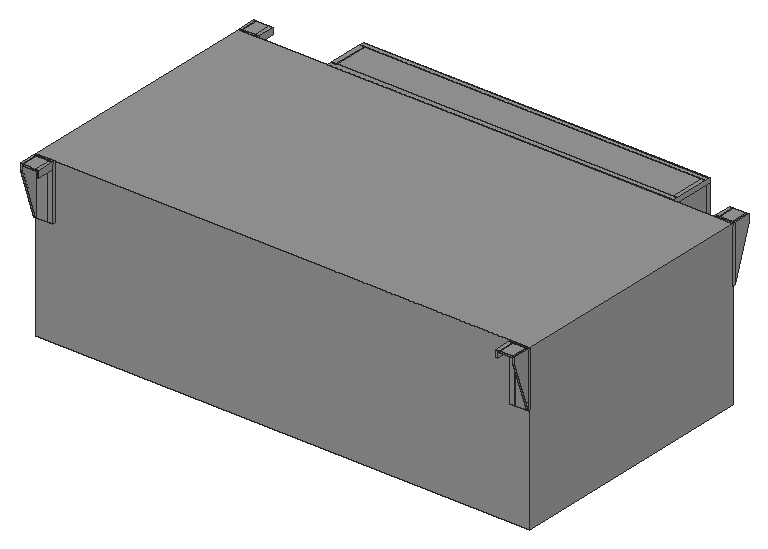
Revit family "НЕВАТОМ_Neiva 2 подвесная C-Е-R 600, Версия 2", category Оборудование, Revit 2017
Family settings
  Размер круглого соединителя = Использовать диаметр
  Тип детали = Нормальный
  На основе рабочей плоскости = Да
  Всегда вертикально = Нет
  При загрузке вырезать с полостями = Нет
  Общий = Нет
  Точка расчета площади = Нет
Parameters (values of type "С 600 E-R")
  длина между креплением = 1062 mm
  а ширина = 100 mm
  Default Elevation = 1219.2 mm
  А6 = 270 mm
  А1 = 500 mm
  c = 131 mm
  Nevatom_Производительность = "500-900 м³/ч"
  Nevatom_Напорная характеристика, Р1 = 500.0 Pa
  Nevatom_Напорная характеристика, P = 0.0 Pa
  Nevatom_Мощность нагревателя = 900 W
  Nevatom_Q1, м³/ч = 1000.0 m³/h
  Nevatom_Q, м³/ч = 500.0 m³/h
  H щита = 362 mm
  b длина = 770 mm
  Nevatom_Регулятор воздуха [instance] = ""
  Nevatom_Для задания электроснабжения [instance] = "380 В"
  Nevatom_URL [instance] = ""
  L = 1100 mm
  H = 362 mm
  D кабельного ввода PG 36 = 25 mm
  D кабельного ввода PG 21 = 25 mm
  B = 564 mm
  ADSK_Ток = 1.6 A
  ADSK_Расход воздуха = 0.0 m³/h
  ADSK_Размер_Ширина = B  # 564 mm
  ADSK_Размер_Длина = L  # 1100 mm
  ADSK_Размер_Высота = H  # 362 mm
  ADSK_Потеря давления воздуха = 0.0 Pa
  ADSK_Полная мощность = ADSK_Номинальная мощность / ADSK_Коэффициент мощности  # 143.75 VA
  ADSK_Позиция [instance] = ""
  ADSK_Номинальная мощность = 115 W
  ADSK_Напряжение = 230 V
  ADSK_Наименование = "C-600-E-R"
  ADSK_Материал наименование [instance] = "сталь оцинкованная с покрытием"
  ADSK_Масса = 57
  ADSK_Марка [instance] = "C-600-E-R"
  ADSK_Коэффициент мощности = 0.8  # constant formula
  ADSK_Количество фаз = 1
  ADSK_Количество = 1  # constant formula
  ADSK_Код изделия [instance] = ""
  ADSK_Классификация нагрузок = Двигатель
  ADSK_Завод-изготовитель [instance] = "НЕВАТОМ"  # constant formula
  ADSK_Единица измерения [instance] = "шт."
Reference planes
  plane 1 "По центру (Вперед/Назад)": y = 0
  plane 2: z = 0
  plane 3 "По центру (Влево/Вправо)": x = 0
  plane 4: y = 282
  plane 5: x = 550
  plane 6: y = -282
  plane 7: x = -550
  plane 8: z = 362
  plane 9: x = 500
  plane 10: x = -500
  plane 11: y = -382
  plane 12: x = -351
  plane 13: x = 419
  plane 14: x = -536.5
  plane 15: x = 525.5
  plane 16: z = 362
  plane 17: z = 362
  plane 18: y = 382
Forms (mm)
  Extrusion 1, solid, material "Сталь, окрашенная, слоновая кость, блестящая"
    sketch origin (0, 1073.759, -352) x (1, 0, 0) y (0, 1, 0)
      loop
        line (-351, -691.759) -> (-351, -791.759) -> (419, -791.759) -> (419, -691.759) -> (-351, -691.759)
    from 352 to 362
  Extrusion 2, solid, material "Сталь, окрашенная, слоновая кость, блестящая"
    sketch origin (0, 0, 0) x (1, 0, 0) y (0, 1, 0)
      loop
        line (-550, 282) -> (-550, -282) -> (550, -282) -> (550, 282) -> (-550, 282)
    from 0 to 362
  Extrusion 3, solid, material "Сталь, окрашенная, слоновая кость, блестящая"
    sketch origin (0, 0, 0) x (1, 0, 0) y (0, 1, 0)
      loop
        line (-351, 282) -> (419, 282) -> (419, 292.139) -> (-351, 292.139) -> (-351, 282)
      loop
        line (-351, 381.49) -> (-351, 371.49) -> (419, 371.49) -> (419, 381.49) -> (-351, 381.49)
    from 0 to 362
  Extrusion 4, solid, material "Сталь, окрашенная, слоновая кость, блестящая"
    sketch origin (0, 0, 0) x (1, 0, 0) y (0, 1, 0)
      loop
        line (-351, 292.139) -> (-340.851, 292.139) -> (-340.851, 371.49) -> (-351, 371.49) -> (-351, 292.139)
    from 0 to 362
  Extrusion 5, solid, material "Сталь, окрашенная, слоновая кость, блестящая"
    sketch origin (761.851, 0, 0) x (1, 0, 0) y (0, 1, 0)
      loop
        line (-353, 292.139) -> (-342.851, 292.139) -> (-342.851, 371.49) -> (-353, 371.49) -> (-353, 292.139)
    from 0 to 362
  Extrusion 6, solid, material "Сталь, окрашенная, слоновая кость, блестящая"
    sketch origin (0, 1073.759, -72) x (1, 0, 0) y (0, 1, 0)
      loop
        line (-351, -691.759) -> (-351, -791.759) -> (419, -791.759) -> (419, -691.759) -> (-351, -691.759)
    from 424 to 434
Lines and regions (mm)
  reference lines
    curve 1: line (-550, -282, 0) -> (-351, -282, 0)
    curve 2: line (-550, -282, 0) -> (-351, -282, 0)
    curve 3: line (-550, -282, 0) -> (-351, -282, 0)
    curve 4: line (550, -282, 0) -> (419, -282, 0)
    curve 5: line (-550, -282, 0) -> (-351, -282, 0)
    curve 6: line (525.5, 0, 3.126) -> (525.5, 0, -1.874)
  model lines
    curve 7: line (-750, 0, 0) -> (-950, 0, 0)
    curve 8: line (-950, 0, 0) -> (-877.495, 33.809, 0)
    curve 9: line (-950, 0, 0) -> (-877.495, -33.809, 0)
Dimensions and locks
  equal spacing: plane 7, plane 3 "По центру (Влево/Вправо)", plane 5
  equal spacing: plane 6, plane 1 "По центру (Вперед/Назад)", plane 4
  "B": plane 6 to plane 4
  "L": plane 7 to plane 5
  "а ширина": plane 6 to plane 11
  plane 8 to level = 362 mm
  "длина между креплением": plane 14 to plane 15
  "H": plane 8 to level
  locked: Extrusion 1 to Extrusion 1 at 10
  "b длина": plane 12 to plane 13
  "H щита": plane 17 to level
  "c": plane 13 to plane 5
  "а ширина": plane 18 to plane 4
  locked: Extrusion 3 to nested 9 at 49.502
  locked: Extrusion 3 to nested 8 at 50.222
  locked: Extrusion 3 to nested 7 at 50.222
  locked: Extrusion 3 to nested 6 at 49.27
  locked: Extrusion 3 to nested 10 at 49.49
  locked: Extrusion 3 to nested 5 at 49.49
  locked: Extrusion 6 to Extrusion 6 at 10  (x2)
  aligned and locked: level to plane 2
  aligned and locked: nested 1 to plane 6
  aligned and locked: plane 7 to nested 2
  aligned and locked: plane 4 to nested 2
  aligned and locked: nested 1 to plane 7
  aligned and locked: Extrusion 1 to level
  aligned and locked: Extrusion 2 sketch curve to plane 4
  aligned and locked: Extrusion 2 sketch curve to plane 5
  aligned and locked: Extrusion 2 sketch curve to plane 6
  aligned and locked: Extrusion 2 to level
  aligned and locked: Extrusion 2 to plane 8
  aligned and locked: Extrusion 2 to plane 7
  aligned and locked: plane 6 to nested 3
  aligned and locked: nested 4 to plane 4
  aligned and locked: plane 5 to nested 4
  aligned and locked: nested 3 to plane 5
  aligned and locked: nested 1 to plane 8
  aligned and locked: plane 8 to nested 3
  aligned and locked: nested 4 to plane 8
  aligned and locked: plane 8 to nested 2
  aligned and locked: Extrusion 1 to plane 4
  aligned and locked: plane 18 to Extrusion 1
  aligned and locked: plane 17 to Extrusion 3
  aligned and locked: plane 17 to Extrusion 5
  aligned and locked: plane 17 to Extrusion 4
  aligned and locked: plane 17 to Extrusion 6
Automatic sketch dimensions
  plane 6 to curve 5 = 0 mm
  curve 5 to plane 7 = 0 mm
  curve 2 to plane 7 = 0 mm
  curve 3 to plane 7 = 0 mm
  curve 3 to plane 12 = 0 mm
  plane 6 to curve 4 = 0 mm
  curve 4 to plane 13 = 0 mm
  curve 4 to plane 5 = 0 mm
  curve 6 to plane 15 = 0 mm
  curve 6 to level = 1.874 mm
  level to curve 6 = 3.126 mm
  plane 1 "По центру (Вперед/Назад)" to curve 7 = 0 mm
  curve 7 to plane 7 = 400 mm
  curve 8 to plane 1 "По центру (Вперед/Назад)" = 33.809 mm
  curve 7 to curve 8 = 72.505 mm
  plane 1 "По центру (Вперед/Назад)" to curve 9 = 33.809 mm
  curve 9 to curve 8 = 0 mm
  curve 8 to curve 7 = 127.495 mm
  Extrusion 1 sketch curve to plane 4 = 0 mm
  Extrusion 1 sketch curve to plane 12 = 0 mm
  Extrusion 1 sketch curve to plane 13 = 0 mm
  Extrusion 1 sketch curve to plane 18 = 0 mm
  Extrusion 2 sketch curve to plane 7 = 0 mm
  Extrusion 3 sketch curve to plane 4 = 0 mm
  Extrusion 3 sketch curve to plane 12 = 0 mm  (x2)
  Extrusion 3 sketch curve to plane 13 = 0 mm  (x2)
  Extrusion 3 sketch curve to Extrusion 3 sketch curve = 10.139 mm
  plane 18 to Extrusion 3 sketch curve = 10.51 mm
  plane 18 to Extrusion 3 sketch curve = 0.51 mm
  Extrusion 4 sketch curve to plane 12 = 0 mm
  Extrusion 4 sketch curve to Extrusion 4 sketch curve = 10.149 mm
  plane 18 to Extrusion 4 sketch curve = 10.51 mm
  Extrusion 4 sketch curve to plane 4 = 10.139 mm
  Extrusion 5 sketch curve to plane 13 = 0 mm
  plane 13 to Extrusion 5 sketch curve = 10.149 mm
  plane 18 to Extrusion 5 sketch curve = 10.51 mm
  Extrusion 5 sketch curve to plane 4 = 10.139 mm
  Extrusion 6 sketch curve to plane 4 = 0 mm
  Extrusion 6 sketch curve to plane 12 = 0 mm
  Extrusion 6 sketch curve to plane 13 = 0 mm
  Extrusion 6 sketch curve to plane 18 = 0 mm
Nested families
  nested 1: "NEVATOM_кронштейн" at (-527.156, -301.399, 235.206), type "NEVATOM_кронштейн"
  nested 2: "NEVATOM_кронштейн" at (-527.156, 301.399, 235.206), type "NEVATOM_кронштейн"
  nested 3: "NEVATOM_кронштейн" at (527.156, -301.399, 235.206) x (-1, 0, 0) z (0, 0, 1), type "NEVATOM_кронштейн"
  nested 4: "NEVATOM_кронштейн" at (527.156, 301.399, 235.206) x (-1, 0, 0) z (0, 0, 1), type "NEVATOM_кронштейн"
  nested 5: "NEVATOM_кабельный ввод PG 2" at (349, 332, 0) x (1, 0, 0) z (0, 0, -1), D <- "D кабельного ввода PG 36", type "Кабельный ввод PG"
    with h 17.5 mm, d 12.5 mm, D 25 mm
  nested 6: "NEVATOM_кабельный ввод PG 2" at (253.218, 332.22, 0) x (1, 0, 0) z (0, 0, -1), type "Кабельный ввод PG"
    with h 15.4 mm, d 11 mm, D 22 mm
  nested 7: "NEVATOM_кабельный ввод PG 2" at (214.212, 331.268, 0) x (1, 0, 0) z (0, 0, -1), type "Кабельный ввод PG"
    with h 15.4 mm, d 11 mm, D 22 mm
  nested 8: "NEVATOM_кабельный ввод PG 2" at (173.851, 331.268, 0) x (1, 0, 0) z (0, 0, -1), type "Кабельный ввод PG"
    with h 15.4 mm, d 11 mm, D 22 mm
  nested 9: "NEVATOM_кабельный ввод PG 2" at (133.516, 331.988, 0) x (0, -1, 0) z (0, 0, -1), type "Кабельный ввод PG"
    with h 15.4 mm, d 11 mm, D 22 mm
  nested 10: "NEVATOM_кабельный ввод PG 2" at (294, 332, 0) x (1, 0, 0) z (0, 0, -1), D <- "D кабельного ввода PG 21", type "Кабельный ввод PG"
    with h 17.5 mm, d 12.5 mm, D 25 mm
  nested 11: "NEVATOM_выключатель пластик" at (414, 336.838, 200) x (0, 1, 0) z (1, 0, 0), type "NEVATOM_выключатель пластик"
  nested 12: "NEVATOM_кабельный ввод PG 2" at (419, 336.838, 42) x (0, -1, 0) z (1, 0, 0), type "Кабельный ввод PG"
    with h 15.4 mm, d 11 mm, D 22 mm
Connectors
  hvac at (550, 0, 181), driven by "А6", driven by "А1", driven by "ADSK_Расход воздуха"
    settings: on Extrusion 2, index 1, duct flow 0.0 m³/h, flow factor 0, pres drop 0.0 Pa, loss coef 0, conn angle 0.00°, conn width 500 mm, conn height 270 mm, conn diameter 609.6 mm, duct sys type 29, conn prof type 1, flow config 0, flow direction 1, loss method 0, conn ref index 2, conn util no, is conn primary yes, conn desc ""
  hvac at (-550, 0, 181), driven by "А6", driven by "А1", driven by "ADSK_Расход воздуха"
    settings: on Extrusion 2, index 2, duct flow 0.0 m³/h, flow factor 0, pres drop 0.0 Pa, loss coef 0, conn angle 0.00°, conn width 500 mm, conn height 270 mm, conn diameter 609.6 mm, duct sys type 1, conn prof type 1, flow config 2, flow direction 2, loss method 0, conn ref index 1, conn util no, is conn primary no, conn desc ""
  electrical at (419, 336.838, 42)
    settings: on nested 12, index 3, voltage 0 V, apparent load 0 VA, apparent load phase1 0 VA, apparent load phase2 0 VA, apparent load phase3 0 VA, power factor 1, load classification "Прочее", number of poles 1, system type 5, power factor state 1, is connector primary yes, connector utility no, sub classification motor no, connector description ""
  electrical at (349, 332, 0), driven by "ADSK_Напряжение", driven by "ADSK_Полная мощность", driven by "ADSK_Коэффициент мощности", driven by "ADSK_Количество фаз", driven by "ADSK_Классификация нагрузок"
    settings: on nested 5, index 4, voltage 230 V, apparent load 0 VA, apparent load phase1 143.75 VA, apparent load phase2 0 VA, apparent load phase3 0 VA, power factor 0.8, load classification "Двигатель", number of poles 1, system type 31, power factor state 1, is connector primary no, connector utility no, sub classification motor no, connector description ""
  electrical at (294, 332, 0)
    settings: on nested 10, index 5, voltage 0 V, apparent load 0 VA, apparent load phase1 0 VA, apparent load phase2 0 VA, apparent load phase3 0 VA, power factor 1, load classification "Прочее", number of poles 1, system type 5, power factor state 1, is connector primary no, connector utility no, sub classification motor no, connector description ""
  electrical at (253.218, 332.22, 0)
    settings: on nested 6, index 6, voltage 0 V, apparent load 0 VA, apparent load phase1 0 VA, apparent load phase2 0 VA, apparent load phase3 0 VA, power factor 1, load classification "Прочее", number of poles 1, system type 5, power factor state 1, is connector primary no, connector utility no, sub classification motor no, connector description ""
  electrical at (214.212, 331.268, 0)
    settings: on nested 7, index 7, voltage 0 V, apparent load 0 VA, apparent load phase1 0 VA, apparent load phase2 0 VA, apparent load phase3 0 VA, power factor 1, load classification "Прочее", number of poles 1, system type 5, power factor state 1, is connector primary no, connector utility no, sub classification motor no, connector description ""
  electrical at (173.851, 331.268, 0)
    settings: on nested 8, index 8, voltage 0 V, apparent load 0 VA, apparent load phase1 0 VA, apparent load phase2 0 VA, apparent load phase3 0 VA, power factor 1, load classification "Прочее", number of poles 1, system type 5, power factor state 1, is connector primary no, connector utility no, sub classification motor no, connector description ""
  electrical at (133.516, 331.988, 0)
    settings: on nested 9, index 9, voltage 0 V, apparent load 0 VA, apparent load phase1 0 VA, apparent load phase2 0 VA, apparent load phase3 0 VA, power factor 1, load classification "Прочее", number of poles 1, system type 5, power factor state 1, is connector primary no, connector utility no, sub classification motor no, connector description ""
Definition of nested family "NEVATOM_кронштейн"
  Reference planes
    plane 1 "По центру (Вперед/Назад)": y = 0
    plane 2: z = 0
    plane 3 "По центру (Влево/Вправо)": x = 0
  Forms (mm)
    Extrusion 1, solid
      sketch origin (-545.844, 366.399, 0) x (0, 1, 0) y (0, 0, 1)
        loop
          line (-351.118, 126.794) -> (-389, 126.794) -> (-389, 111.794) -> (-351.118, 3.126) -> (-351.118, 126.794)
      from 523 to 527.712
    Extrusion 2, solid
      sketch origin (-545.844, 301.399, 0) x (1, 0, 0) y (0, 0, 1)
        loop
          line (557.712, 126.794) -> (557.712, 123.742) -> (561.763, 123.742) -> (561.763, 111.794) -> (565, 111.794) -> (565, 126.794) -> (557.712, 126.794)
      from 286.118 to 324
    Extrusion 3, solid
      sketch origin (-545.844, 301.399, 20) x (1, 0, 0) y (0, 0, 1)
        loop
          line (565, -16.874) -> (565, 106.794) -> (553, 106.794) -> (553, -16.874) -> (565, -16.874)
      from 282 to 286.118
    Extrusion 4, solid
      sketch origin (-545.844, 301.399, 20) x (1, 0, 0) y (0, 0, 1)
        loop
          line (565, -16.874) -> (565, 106.794) -> (523, 106.794) -> (523, -16.874) -> (565, -16.874)
      from 282 to 286.118
    Extrusion 5, solid
      sketch origin (-545.844, 301.399, 0) x (1, 0, 0) y (0, 0, 1)
        loop
          line (527.712, 126.794) -> (527.712, 123.742) -> (561.763, 123.742) -> (561.763, 111.794) -> (565, 111.794) -> (565, 126.794) -> (527.712, 126.794)
      from 286.118 to 324
  Dimensions and locks
    aligned and locked: level to plane 2
Definition of nested family "NEVATOM_кабельный ввод PG 2"
  Parameters (values of type "Кабельный ввод PG")
    Default Elevation = 1219.2 mm
    h [instance] = 0.7 * D  # 21 mm
    d [instance] = 0.5 * D  # 15 mm
    D [instance] = 30 mm
  Reference planes
    plane 1 "По центру (Вперед/Назад)": y = 0
    plane 2: z = 0
    plane 3 "По центру (Влево/Вправо)": x = 0
    plane 4: y = 15
    plane 5: y = -15
    plane 6: x = -15
    plane 7: x = 15
    plane 8: through (0, 0, 1219.2) normal (-0.7071, 0.7071, 0)
    plane 9: through (0, 0, 1219.2) normal (-0.7071, -0.7071, 0)
    plane 10: through (10.607, -10.607, 1219.2) normal (-0.7071, 0.7071, 0)
    plane 11: through (-10.607, 10.607, 1219.2) normal (-0.7071, 0.7071, 0)
    plane 12: through (10.607, 10.607, 1219.2) normal (-0.7071, -0.7071, 0)
    plane 13: through (-10.607, -10.607, 1219.2) normal (-0.7071, -0.7071, 0)
    plane 14: z = 30
    plane 15: z = 21
  Forms (mm)
    Extrusion 1, solid
      sketch origin (0, 0, 0) x (1, 0, 0) y (0, 1, 0)
        loop
          line (-1219.2, 1219.2) -> (-1219.2, -1219.2) -> (1219.2, -1219.2) -> (1219.2, 1219.2) -> (-1219.2, 1219.2)
      from 0 to -304.8
    Extrusion 2, solid
      sketch origin (0, 0, 0) x (1, 0, 0) y (0, 1, 0)
        loop
          line (-6.213, 15) -> (-15, 6.213) -> (-15, -6.213) -> (-6.213, -15) -> (6.213, -15) -> (15, -6.213) -> (15, 6.213) -> (6.213, 15) -> (-6.213, 15)
      from 0 to 21
    Blend 3, solid
      base sketch origin (0, 0, 0) x (1, 0, 0) y (0, 1, 0)
        loop
          circle (0, 0) r 15
      top sketch origin (0, 0, 0) x (1, 0, 0) y (0, 1, 0)
        loop
          circle (0, 0) r 7.5
      from 21 to 30
    Extrusion 4, void
      sketch origin (0, 0, 0) x (1, 0, 0) y (0, 1, 0)
        loop
          circle (0, 0) r 7.5
      from 0 to 30
  Cuts and joins
    Extrusion 4 cuts Extrusion 2
    Extrusion 4 cuts Blend 3
    joined: Extrusion 2, Blend 3
  Dimensions and locks
    equal spacing: plane 6, plane 3 "По центру (Влево/Вправо)", plane 7
    equal spacing: plane 4, plane 1 "По центру (Вперед/Назад)", plane 5
    "D": plane 6 to plane 7
    "D": plane 4 to plane 5
    equal spacing: plane 11, plane 8, plane 10
    "D": plane 11 to plane 10
    equal spacing: plane 12, plane 9, plane 13
    "D": plane 12 to plane 13
    "D": plane 14 to Extrusion 1
    "h": plane 15 to Extrusion 1
    "D": diameter of Blend 3 sketch curve
    "d": diameter of Blend 3 sketch curve
    "d": diameter of Extrusion 4 sketch curve
    aligned and locked: plane 2 to Extrusion 1
    aligned and locked: level to Extrusion 1
    aligned and locked: Extrusion 2 sketch curve to plane 4
    aligned and locked: Extrusion 2 sketch curve to plane 12
    aligned and locked: plane 7 to Extrusion 2 sketch curve
    aligned and locked: plane 10 to Extrusion 2 sketch curve
    aligned and locked: plane 5 to Extrusion 2 sketch curve
    aligned and locked: plane 13 to Extrusion 2 sketch curve
    aligned and locked: Extrusion 2 sketch curve to plane 6
    aligned and locked: Extrusion 2 sketch curve to plane 11
    aligned and locked: plane 15 to Extrusion 2
    aligned and locked: plane 14 to Blend 3
    aligned and locked: Blend 3 to plane 15
    aligned and locked: plane 14 to Extrusion 4
  Automatic sketch dimensions
    Extrusion 1 sketch curve to Extrusion 1 sketch curve = 2438.4 mm  (x2)
    plane 1 "По центру (Вперед/Назад)" to Blend 3 sketch curve = 0 mm  (x2)
    Blend 3 sketch curve to plane 3 "По центру (Влево/Вправо)" = 0 mm  (x2)
    plane 1 "По центру (Вперед/Назад)" to Extrusion 4 sketch curve = 0 mm
    Extrusion 4 sketch curve to plane 3 "По центру (Влево/Вправо)" = 0 mm
Definition of nested family "NEVATOM_выключатель пластик"
  Parameters (values of type "NEVATOM_выключатель пластик")
    Default Elevation = 1219.2 mm
    h = 18 mm
    b = 44 mm
    a = 44 mm
  Reference planes
    plane 1 "По центру (Вперед/Назад)": y = 0
    plane 2: z = 0
    plane 3 "По центру (Влево/Вправо)": x = 0
    plane 4: x = -22
    plane 5: x = 22
    plane 6: y = -22
    plane 7: y = 22
    plane 8: z = 18
  Forms (mm)
    Extrusion 1, solid
      sketch origin (0, 0, 0) x (1, 0, 0) y (0, 1, 0)
        loop
          line (-22, 22) -> (-22, -22) -> (22, -22) -> (22, 22) -> (-22, 22)
      from 5 to 10
    Extrusion 2, solid
      sketch origin (0, 0, 0) x (1, 0, 0) y (0, 1, 0)
        loop
          circle (0, 0) r 17.083
        loop
          circle (0, 0) r 13.032
      from 10 to 20
    Extrusion 3, solid
      sketch origin (0, 0, 0) x (1, 0, 0) y (0, 1, 0)
        loop
          line (-1.523, -13.032) -> (1.565, -13.032) -> (1.565, 12.938) -> (-1.523, 12.938) -> (-1.523, -13.032)
      from 5 to 20
  Cuts and joins
    joined: Extrusion 1, Extrusion 2
  Dimensions and locks
    equal spacing: plane 7, plane 1 "По центру (Вперед/Назад)", plane 6
    "a": plane 7 to plane 6
    equal spacing: plane 4, plane 3 "По центру (Влево/Вправо)", plane 5
    "b": plane 4 to plane 5
    "h": plane 8 to level
    aligned and locked: level to plane 2
  Automatic sketch dimensions
    Extrusion 1 sketch curve to plane 4 = 0 mm
    Extrusion 1 sketch curve to plane 5 = 0 mm
    Extrusion 1 sketch curve to plane 6 = 0 mm
    Extrusion 1 sketch curve to plane 7 = 0 mm
    Extrusion 2 sketch curve to Extrusion 2 sketch curve = 0 mm  (x2)
    plane 1 "По центру (Вперед/Назад)" to Extrusion 2 sketch curve = 0 mm
    Extrusion 2 sketch curve to plane 3 "По центру (Влево/Вправо)" = 0 mm
    Extrusion 3 sketch curve to plane 3 "По центру (Влево/Вправо)" = 1.523 mm
    plane 3 "По центру (Влево/Вправо)" to Extrusion 3 sketch curve = 1.565 mm
    plane 6 to Extrusion 3 sketch curve = 8.968 mm
    Extrusion 3 sketch curve to plane 7 = 9.062 mm
    radius of Extrusion 2 sketch curve = 17.083 mm
    radius of Extrusion 2 sketch curve = 13.032 mm
